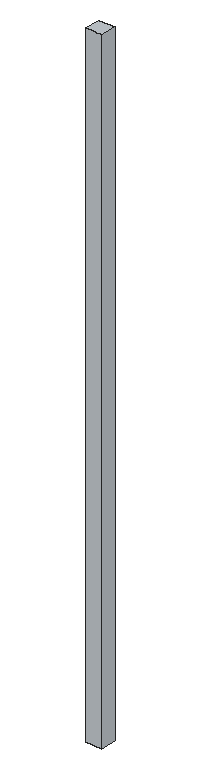
Revit family "201_Свая прямоугольная (Фунд_Ур)", category Фундамент несущей конструкции, Revit 2021
Family settings
  Материал для поведения модели = Прочее
  Заглушка = Нет
  Номер OmniClass = 23.25.05.00
  Заголовок OmniClass = Foundations
  На основе рабочей плоскости = Нет
  Всегда вертикально = Да
  При загрузке вырезать с полостями = Нет
  Общий = Нет
Parameters (values of type "С120.30-8 (для испытаний)")
  Ширина = 0 mm  # constant formula
  Фиктивный сдвиг низа срубки [instance] = if(Срубка вкл, ADSK_Длина балки истинная, ADSK_Длина балки истинная - 1 mm)  # 11999 mm
  Толщина фундамента = 0 mm  # constant formula
  Рзм.ОтметкаНизаПлиты [instance] = 0 mm
  ADSK_Длина балки истинная [instance] = ADSK_Размер_Длина - Высота срубаемой части  # 12000 mm
  Орг.ДиапазонПозиций2 [instance] = ""
  Орг.ДиапазонПозиций [instance] = ""
  О_Позиция [instance] = ""
  Мрк.НаименованиеСоставноеЧисло1 [instance] = (ADSK_Размер_Длина * 1000 + ADSK_Длина балки истинная / 10) / 1 mm  # 12001200
  Материал несущих конструкций = 02_Бетон В25
  Длина 0.1 = ADSK_Размер_Длина + 0.1 mm  # 12000.1 mm
  Диаметр обозначения [instance] = ADSK_Размер_Ширина + 280 mm  # 580 mm
  Срубка вкл [instance] = Высота срубаемой части > 0 mm  # no
  Рядовая_тип 9 [instance] = [N типа рядовой (1-10)] = 9  # no
  Рядовая_тип 8 [instance] = [N типа рядовой (1-10)] = 8  # no
  Рядовая_тип 7 [instance] = [N типа рядовой (1-10)] = 7  # no
  Рядовая_тип 6 [instance] = [N типа рядовой (1-10)] = 6  # no
  Рядовая_тип 5 [instance] = [N типа рядовой (1-10)] = 5  # no
  Рядовая_тип 4 [instance] = [N типа рядовой (1-10)] = 4  # no
  Рядовая_тип 3 [instance] = [N типа рядовой (1-10)] = 3  # no
  Рядовая_тип 2 [instance] = [N типа рядовой (1-10)] = 2  # no
  Рядовая_тип 10 [instance] = [N типа рядовой (1-10)] = 10  # no
  Рядовая_тип 1 [instance] = [N типа рядовой (1-10)] = 1  # no
  ADSK_Размер_Ширина = 300 mm
  ADSK_Размер_Длина = 12000 mm
  ADSK_Обозначение = "1.011.1-10 выпуск 1"
  ADSK_Наименование = "С120.30-8"
  О_МассаКг = 2730.00 kg
  Мрк.МаркаПодтипа [instance] = if(and(Анкерная, Испытуемая), "Ошибка", if(Анкерная, "Анкерная", if(Испытуемая, "Испытуемая подвергается стат. испытанию", "Рядовая")))  # "Рядовая"
  ADSK_Марка изделия = "С120.30-8"
  Испытуемая [instance] = no
  Высота срубаемой части [instance] = 0 mm
  Description = ""
  Type Image = (empty or 0)
  Type Comments = ""
  Manufacturer = ""
  Группа модели = "Свая для испытаний"
  Вкл маскировку = no
  Анкерная [instance] = no
  URL = ""
  RBS_VERSION = 10  # constant formula
  RBS_GUID = "30aa0056-53b5-474c-9eca-863affe2bf06"  # constant formula
  N типа рядовой (1-10) [instance] = 0
Types (4, lengths in mm): name | Фиктивный сдвиг низа срубки | ADSK_Длина балки истинная | Мрк.НаименованиеСоставноеЧисло1 | Длина 0.1 | ADSK_Размер_Длина | ADSK_Наименование | О_МассаКг | ADSK_Марка изделия | Группа модели
  С120.30-8 (для испытаний) | 11999 | 12000 | 12001200 | 12000.1 | 12000 | "С120.30-8" | 2730.00 kg | "С120.30-8" | "Свая для испытаний"
  С110.30-8 (для испытаний) | 10999 | 11000 | 11001100 | 11000.1 | 11000 | "С110.30-8" | 2500.00 kg | "С110.30-8" | "Свая для испытаний"
  С110.30-8 | 10999 | 11000 | 11001100 | 11000.1 | 11000 | "С110.30-8" | 2500.00 kg | "С110.30-8" | "Свая рядовая"
  С120.30-8 | 11999 | 12000 | 12001200 | 12000.1 | 12000 | "С120.30-8" | 2730.00 kg | "С120.30-8" | "Свая рядовая"
Reference planes
  plane 1 "По центру (Вперед/Назад)": y = 0
  plane 2: z = 0
  plane 3 "По центру (Влево/Вправо)": x = 0
  plane 4: y = 150
  plane 5: y = -150
  plane 6: x = 150
  plane 7: x = -150
  plane 8: y = 290
  plane 9: y = -290
  plane 10: x = -290
  plane 11: x = 290
  plane 12: z = 12000.1
Forms (mm)
  Extrusion 1, solid, material "02_Бетон В25" <- "Материал несущих конструкций", detail levels medium+fine
    sketch origin (0, 0, 0) x (1, 0, 0) y (0, 1, 0)
      loop
        line (-150, 150) -> (-150, -150) -> (150, -150) -> (150, 150) -> (-150, 150)
    from 0 to 12000 <- "ADSK_Длина балки истинная"
  Extrusion 2, solid, material "Остекление", visible <- "Срубка вкл", detail levels medium+fine
    sketch origin (0, 0, 0) x (1, 0, 0) y (0, 1, 0)
      loop
        line (-150, 150) -> (-150, -150) -> (150, -150) -> (150, 150) -> (-150, 150)
    from 12000 <- "ADSK_Размер_Длина" to 11999 <- "Фиктивный сдвиг низа срубки"
Lines and regions (mm)
  Masking region 1, visible <- "Вкл маскировку"
    outline origin (0, 0, 0) x (1, 0, 0) y (0, 0, 1)
      loop
        line (-150, 12000) -> (-150, 0) -> (150, 0) -> (150, 12000) -> (-150, 12000)
  Masking region 2, visible <- "Вкл маскировку"
    outline origin (0, 0, 0) x (0, 1, 0) y (0, 0, 1)
      loop
        line (-150, 12000) -> (-150, 0) -> (150, 0) -> (150, 12000) -> (-150, 12000)
  symbolic lines, visible <- "Испытуемая"
    curve 1: circle (0, 0, 0) r 290 normal (0, 0, 1)
  symbolic lines
    curve 2: line (-190, 0, 0) -> (190, 0, 0)
    curve 11: line (0, 190, 0) -> (0, -190, 0)
  model lines, visible <- "Анкерная"
    curve 3: line (-290, 0, 0) -> (0, 290, 0)
    curve 4: line (0, -290, 0) -> (-290, 0, 0)
    curve 5: line (290, 0, 0) -> (0, -290, 0)
    curve 6: line (0, 290, 0) -> (290, 0, 0)
  symbolic lines, visible <- "Анкерная"
    curve 7: line (0, 290, 0) -> (290, 0, 0)
    curve 8: line (290, 0, 0) -> (0, -290, 0)
    curve 9: line (0, -290, 0) -> (-290, 0, 0)
    curve 10: line (-290, 0, 0) -> (0, 290, 0)
  model lines, style "InvisibleLines", not visible
    curve 12: line (0, 0, 0) -> (0, 0, 12000.1)
Dimensions and locks
  equal spacing: plane 4, plane 1 "По центру (Вперед/Назад)", plane 5
  equal spacing: plane 7, plane 3 "По центру (Влево/Вправо)", plane 6
  "ADSK_Размер_Ширина": plane 4 to plane 5
  "ADSK_Размер_Ширина": plane 7 to plane 6
  "Диаметр обозначения": plane 8 to plane 9
  equal spacing: plane 8, plane 1 "По центру (Вперед/Назад)", plane 9
  equal spacing: plane 10, plane 3 "По центру (Влево/Вправо)", plane 11
  "Диаметр обозначения": plane 10 to plane 11
  "Длина 0.1": plane 12 to level
  "ADSK_Длина балки истинная": Masking region 1 sketch curve to level
  "ADSK_Длина балки истинная": Masking region 2 sketch curve to plane 2
  "Диаметр обозначения": diameter of curve 1
  aligned and locked: Extrusion 1 to level
  aligned and locked: plane 11 to curve 8
  aligned and locked: plane 1 "По центру (Вперед/Назад)" to curve 8
  aligned and locked: plane 3 "По центру (Влево/Вправо)" to curve 9
  aligned and locked: plane 9 to curve 9
  aligned and locked: plane 3 "По центру (Влево/Вправо)" to nested 1
  aligned and locked: plane 3 "По центру (Влево/Вправо)" to nested 2
  aligned and locked: plane 3 "По центру (Влево/Вправо)" to nested 3
  aligned and locked: plane 3 "По центру (Влево/Вправо)" to nested 4
  aligned and locked: plane 3 "По центру (Влево/Вправо)" to nested 5
  aligned and locked: plane 3 "По центру (Влево/Вправо)" to nested 6
  aligned and locked: plane 3 "По центру (Влево/Вправо)" to nested 7
  aligned and locked: plane 3 "По центру (Влево/Вправо)" to nested 8
  aligned and locked: plane 3 "По центру (Влево/Вправо)" to nested 9
  aligned and locked: plane 1 "По центру (Вперед/Назад)" to nested 7
  aligned and locked: plane 1 "По центру (Вперед/Назад)" to nested 5
  aligned and locked: plane 1 "По центру (Вперед/Назад)" to nested 3
  aligned and locked: plane 1 "По центру (Вперед/Назад)" to nested 2
  aligned and locked: plane 1 "По центру (Вперед/Назад)" to nested 1
  aligned and locked: plane 1 "По центру (Вперед/Назад)" to nested 8
  aligned and locked: plane 1 "По центру (Вперед/Назад)" to nested 4
  aligned and locked: plane 1 "По центру (Вперед/Назад)" to nested 9
  aligned and locked: plane 1 "По центру (Вперед/Назад)" to nested 6
  aligned and locked: curve 11 to plane 3 "По центру (Влево/Вправо)"
  aligned and locked: level to plane 2
  aligned and locked: level to curve 12
  aligned and locked: plane 12 to curve 12
  aligned and locked: plane 3 "По центру (Влево/Вправо)" to curve 12
  aligned and locked: Masking region 1 sketch curve to plane 7
  aligned and locked: Masking region 1 sketch curve to plane 6
  aligned and locked: level to Masking region 1 sketch curve
  aligned and locked: plane 5 to Masking region 2 sketch curve
  aligned and locked: Masking region 2 sketch curve to plane 4
  aligned and locked: plane 2 to Masking region 2 sketch curve
Automatic sketch dimensions
  Extrusion 2 sketch curve to plane 5 = 0 mm
  Extrusion 2 sketch curve to plane 7 = 0 mm
  Extrusion 2 sketch curve to plane 6 = 0 mm
  Extrusion 2 sketch curve to plane 4 = 0 mm
  Extrusion 1 sketch curve to plane 5 = 0 mm
  Extrusion 1 sketch curve to plane 7 = 0 mm
  Extrusion 1 sketch curve to plane 6 = 0 mm
  Extrusion 1 sketch curve to plane 4 = 0 mm
  plane 1 "По центру (Вперед/Назад)" to curve 2 = 0 mm
  curve 4 to plane 3 "По центру (Влево/Вправо)" = 0 mm
  plane 1 "По центру (Вперед/Назад)" to curve 4 = 0 mm
  plane 7 to curve 2 = 40 mm
  plane 6 to curve 2 = 40 mm
  curve 11 to plane 5 = 40 mm
  plane 4 to curve 11 = 40 mm
Nested families
  nested 1: "Обозначение_тип_сваи_рядовая 2" at (0, 0, 0), visible <- "Рядовая_тип 2", ADSK_Размер_Ширина <- "ADSK_Размер_Ширина", type "Обозначение_тип_сваи_рядовая 2"
    with ADSK_Размер_Ширина 300 mm
  nested 2: "Обозначение_тип_сваи_рядовая 9" at (0, 0, 0), visible <- "Рядовая_тип 9", ADSK_Размер_Ширина <- "ADSK_Размер_Ширина", type "Обозначение_тип_сваи_рядовая 9"
    with ADSK_Размер_Ширина 300 mm
  nested 3: "Обозначение_тип_сваи_рядовая 8" at (0, 0, 0), visible <- "Рядовая_тип 8", ADSK_Размер_Ширина <- "ADSK_Размер_Ширина", type "Обозначение_тип_сваи_рядовая 8"
    with ADSK_Размер_Ширина 300 mm
  nested 4: "Обозначение_тип_сваи_рядовая 6" at (0, 0, 0), visible <- "Рядовая_тип 6", ADSK_Размер_Ширина <- "ADSK_Размер_Ширина", type "Обозначение_тип_сваи_рядовая 6"
    with ADSK_Размер_Ширина 300 mm
  nested 5: "Обозначение_тип_сваи_рядовая 10" at (0, 0, 0), visible <- "Рядовая_тип 10", ADSK_Размер_Ширина <- "ADSK_Размер_Ширина", type "Обозначение_тип_сваи_рядовая 10"
    with ADSK_Размер_Ширина 300 mm
  nested 6: "Обозначение_тип_сваи_рядовая 5" at (0, 0, 0), visible <- "Рядовая_тип 5", ADSK_Размер_Ширина <- "ADSK_Размер_Ширина", type "Обозначение_тип_сваи_рядовая 5"
    with ADSK_Размер_Ширина 300 mm
  nested 7: "Обозначение_тип_сваи_рядовая 7" at (0, 0, 0), visible <- "Рядовая_тип 7", ADSK_Размер_Ширина <- "ADSK_Размер_Ширина", type "Обозначение_тип_сваи_рядовая 7"
    with ADSK_Размер_Ширина 300 mm
  nested 8: "Обозначение_тип_сваи_рядовая 4" at (0, 0, 0), visible <- "Рядовая_тип 4", ADSK_Размер_Ширина <- "ADSK_Размер_Ширина", type "Обозначение_тип_сваи_рядовая 4"
    with ADSK_Размер_Ширина 300 mm
  nested 9: "Обозначение_тип_сваи_рядовая 3" at (0, 0, 0), visible <- "Рядовая_тип 3", ADSK_Размер_Ширина <- "ADSK_Размер_Ширина", type "Обозначение_тип_сваи_рядовая 3"
    with ADSK_Размер_Ширина 300 mm
Definition of nested family "Обозначение_тип_сваи_рядовая 2"
  Parameters (values of type "Обозначение_тип_сваи_рядовая 2")
    ADSK_Размер_Ширина [instance] = 400 mm
  Reference planes
    plane 1 "По центру (Вперед/Назад)": y = 0
    plane 2: z = 0
    plane 3 "По центру (Влево/Вправо)": x = 0
    plane 4: y = 200
    plane 5: y = -200
    plane 6: x = -200
    plane 7: x = 200
  Lines and regions (mm)
    Filled region 1, type "Сплошная заливка - Черный", in view "Опорный уровень"
      outline origin (0, 0, 0) x (1, 0, 0) y (0, 1, 0)
        loop
          line (-200, 200) -> (-200, -200) -> (200, 200) -> (-200, 200)
  Dimensions and locks
    equal spacing: plane 4, plane 1 "По центру (Вперед/Назад)", plane 5
    equal spacing: plane 6, plane 3 "По центру (Влево/Вправо)", plane 7
    "ADSK_Размер_Ширина": plane 4 to plane 5
    "ADSK_Размер_Ширина": plane 6 to plane 7
    aligned and locked: Filled region 1 sketch curve to plane 4
    aligned and locked: Filled region 1 sketch curve to plane 6
  Automatic sketch dimensions
    Filled region 1 sketch curve to plane 7 = 0 mm
    Filled region 1 sketch curve to plane 5 = 0 mm
Definition of nested family "Обозначение_тип_сваи_рядовая 9"
  Parameters (values of type "Обозначение_тип_сваи_рядовая 9")
    ADSK_Размер_Ширина [instance] = 400 mm
  Reference planes
    plane 1 "По центру (Вперед/Назад)": y = 0
    plane 2: z = 0
    plane 3 "По центру (Влево/Вправо)": x = 0
    plane 4: y = 200
    plane 5: y = -200
    plane 6: x = -200
    plane 7: x = 200
  Lines and regions (mm)
    Filled region 1, type "Сплошная заливка - Черный", in view "Опорный уровень"
      outline origin (0, 0, 0) x (1, 0, 0) y (0, 1, 0)
        loop
          line (-200, 0) -> (0, -200) -> (200, 0) -> (0, 200) -> (-200, 0)
  Dimensions and locks
    equal spacing: plane 4, plane 1 "По центру (Вперед/Назад)", plane 5
    equal spacing: plane 6, plane 3 "По центру (Влево/Вправо)", plane 7
    "ADSK_Размер_Ширина": plane 4 to plane 5
    "ADSK_Размер_Ширина": plane 6 to plane 7
    aligned and locked: plane 4 to Filled region 1 sketch curve
    aligned and locked: plane 7 to Filled region 1 sketch curve
    aligned and locked: plane 5 to Filled region 1 sketch curve
    aligned and locked: plane 6 to Filled region 1 sketch curve
    aligned and locked: plane 1 "По центру (Вперед/Назад)" to Filled region 1 sketch curve  (x2)
    aligned and locked: plane 3 "По центру (Влево/Вправо)" to Filled region 1 sketch curve  (x2)
Definition of nested family "Обозначение_тип_сваи_рядовая 8"
  Parameters (values of type "Обозначение_тип_сваи_рядовая 8")
    ADSK_Размер_Ширина [instance] = 400 mm
  Reference planes
    plane 1 "По центру (Вперед/Назад)": y = 0
    plane 2: z = 0
    plane 3 "По центру (Влево/Вправо)": x = 0
    plane 4: y = 200
    plane 5: y = -200
    plane 6: x = -200
    plane 7: x = 200
  Lines and regions (mm)
    Filled region 1, type "Сплошная заливка - Черный", in view "Опорный уровень"
      outline origin (0, 0, 0) x (1, 0, 0) y (0, 1, 0)
        loop
          line (200, 200) -> (-200, 200) -> (0, 0) -> (-200, -200) -> (200, -200) -> (200, 200)
  Dimensions and locks
    equal spacing: plane 4, plane 1 "По центру (Вперед/Назад)", plane 5
    equal spacing: plane 6, plane 3 "По центру (Влево/Вправо)", plane 7
    "ADSK_Размер_Ширина": plane 4 to plane 5
    "ADSK_Размер_Ширина": plane 6 to plane 7
    aligned and locked: plane 7 to Filled region 1 sketch curve
    aligned and locked: plane 5 to Filled region 1 sketch curve
    aligned and locked: plane 4 to Filled region 1 sketch curve
    aligned and locked: plane 6 to Filled region 1 sketch curve  (x2)
    aligned and locked: plane 3 "По центру (Влево/Вправо)" to Filled region 1 sketch curve
    aligned and locked: plane 1 "По центру (Вперед/Назад)" to Filled region 1 sketch curve
Definition of nested family "Обозначение_тип_сваи_рядовая 6"
  Parameters (values of type "Обозначение_тип_сваи_рядовая 6")
    ADSK_Размер_Ширина [instance] = 500 mm
  Reference planes
    plane 1 "По центру (Вперед/Назад)": y = 0
    plane 2: z = 0
    plane 3 "По центру (Влево/Вправо)": x = 0
    plane 4: y = 250
    plane 5: y = -250
    plane 6: x = -250
    plane 7: x = 250
  Lines and regions (mm)
    Filled region 1, type "Сплошная заливка - Черный", in view "Опорный уровень"
      outline origin (0, 0, 0) x (1, 0, 0) y (0, 1, 0)
        loop
          line (0, 0) -> (-250, 250) -> (-250, -250) -> (0, 0)
  Dimensions and locks
    equal spacing: plane 4, plane 1 "По центру (Вперед/Назад)", plane 5
    equal spacing: plane 6, plane 3 "По центру (Влево/Вправо)", plane 7
    "ADSK_Размер_Ширина": plane 4 to plane 5
    "ADSK_Размер_Ширина": plane 6 to plane 7
    aligned and locked: plane 5 to Filled region 1 sketch curve
    aligned and locked: plane 4 to Filled region 1 sketch curve
    aligned and locked: plane 6 to Filled region 1 sketch curve  (x2)
    aligned and locked: plane 3 "По центру (Влево/Вправо)" to Filled region 1 sketch curve
    aligned and locked: plane 1 "По центру (Вперед/Назад)" to Filled region 1 sketch curve
Definition of nested family "Обозначение_тип_сваи_рядовая 10"
  Parameters (values of type "Обозначение_тип_сваи_рядовая 10")
    ADSK_Размер_Ширина [instance] = 500 mm
  Reference planes
    plane 1 "По центру (Вперед/Назад)": y = 0
    plane 2: z = 0
    plane 3 "По центру (Влево/Вправо)": x = 0
    plane 4: y = 250
    plane 5: y = -250
    plane 6: x = -250
    plane 7: x = 250
  Lines and regions (mm)
    Filled region 1, type "Сплошная заливка - Черный", in view "Опорный уровень"
      outline origin (0, 0, 0) x (1, 0, 0) y (0, 1, 0)
        loop
          line (-250, 250) -> (-250, -250) -> (250, -250) -> (250, 250) -> (-250, 250)
  Dimensions and locks
    equal spacing: plane 4, plane 1 "По центру (Вперед/Назад)", plane 5
    equal spacing: plane 6, plane 3 "По центру (Влево/Вправо)", plane 7
    "ADSK_Размер_Ширина": plane 4 to plane 5
    "ADSK_Размер_Ширина": plane 6 to plane 7
    aligned and locked: plane 7 to Filled region 1 sketch curve
    aligned and locked: Filled region 1 sketch curve to plane 6
    aligned and locked: plane 5 to Filled region 1 sketch curve
    aligned and locked: Filled region 1 sketch curve to plane 4
Definition of nested family "Обозначение_тип_сваи_рядовая 5"
  Parameters (values of type "Обозначение_тип_сваи_рядовая 5")
    ADSK_Размер_Ширина [instance] = 500 mm
  Reference planes
    plane 1 "По центру (Вперед/Назад)": y = 0
    plane 2: z = 0
    plane 3 "По центру (Влево/Вправо)": x = 0
    plane 4: y = 250
    plane 5: y = -250
    plane 6: x = -250
    plane 7: x = 250
  Lines and regions (mm)
    Filled region 1, type "Сплошная заливка - Черный", in view "Опорный уровень"
      outline origin (0, 0, 0) x (1, 0, 0) y (0, 1, 0)
        loop
          line (-250, 250) -> (-250, 0) -> (0, 0) -> (0, 250) -> (-250, 250)
  Dimensions and locks
    equal spacing: plane 4, plane 1 "По центру (Вперед/Назад)", plane 5
    equal spacing: plane 6, plane 3 "По центру (Влево/Вправо)", plane 7
    "ADSK_Размер_Ширина": plane 4 to plane 5
    "ADSK_Размер_Ширина": plane 6 to plane 7
    aligned and locked: Filled region 1 sketch curve to plane 6
    aligned and locked: Filled region 1 sketch curve to plane 4
    aligned and locked: Filled region 1 sketch curve to plane 3 "По центру (Влево/Вправо)"
    aligned and locked: Filled region 1 sketch curve to plane 1 "По центру (Вперед/Назад)"
Definition of nested family "Обозначение_тип_сваи_рядовая 7"
  Parameters (values of type "Обозначение_тип_сваи_рядовая 7")
    ADSK_Размер_Ширина [instance] = 500 mm
  Reference planes
    plane 1 "По центру (Вперед/Назад)": y = 0
    plane 2: z = 0
    plane 3 "По центру (Влево/Вправо)": x = 0
    plane 4: y = 250
    plane 5: y = -250
    plane 6: x = -250
    plane 7: x = 250
  Lines and regions (mm)
    Filled region 1, type "Сплошная заливка - Черный", in view "Опорный уровень"
      outline origin (0, 0, 0) x (1, 0, 0) y (0, 1, 0)
        loop
          line (250, 250) -> (0, 250) -> (0, 0) -> (-250, 0) -> (-250, -250) -> (250, -250) -> (250, 250)
  Dimensions and locks
    equal spacing: plane 4, plane 1 "По центру (Вперед/Назад)", plane 5
    equal spacing: plane 6, plane 3 "По центру (Влево/Вправо)", plane 7
    "ADSK_Размер_Ширина": plane 4 to plane 5
    "ADSK_Размер_Ширина": plane 6 to plane 7
    aligned and locked: Filled region 1 sketch curve to plane 6
    aligned and locked: Filled region 1 sketch curve to plane 4
    aligned and locked: Filled region 1 sketch curve to plane 3 "По центру (Влево/Вправо)"
    aligned and locked: Filled region 1 sketch curve to plane 1 "По центру (Вперед/Назад)"
    aligned and locked: Filled region 1 sketch curve to plane 7
    aligned and locked: Filled region 1 sketch curve to plane 5
Definition of nested family "Обозначение_тип_сваи_рядовая 4"
  Parameters (values of type "Обозначение_тип_сваи_рядовая 4")
    ADSK_Размер_Ширина [instance] = 600 mm
  Reference planes
    plane 1 "По центру (Вперед/Назад)": y = 0
    plane 2: z = 0
    plane 3 "По центру (Влево/Вправо)": x = 0
    plane 4: y = 300
    plane 5: y = -300
    plane 6: x = 300
    plane 7: x = -300
  Lines and regions (mm)
    Filled region 1, type "Сплошная заливка - Черный", in view "Опорный уровень"
      outline origin (0, 0, 0) x (1, 0, 0) y (0, 1, 0)
        loop
          line (0, 0) -> (0, 300) -> (-300, 300) -> (-300, 0) -> (0, 0)
    Filled region 2, type "Сплошная заливка - Черный", in view "Опорный уровень"
      outline origin (0, 0, 0) x (1, 0, 0) y (0, 1, 0)
        loop
          line (0, -300) -> (300, -300) -> (300, 0) -> (0, 0) -> (0, -300)
  Dimensions and locks
    "ADSK_Размер_Ширина": plane 4 to plane 5
    "ADSK_Размер_Ширина": plane 7 to plane 6
    equal spacing: plane 7, plane 3 "По центру (Влево/Вправо)", plane 6
    equal spacing: plane 4, plane 1 "По центру (Вперед/Назад)", plane 5
    aligned and locked: plane 1 "По центру (Вперед/Назад)" to Filled region 1
    aligned and locked: plane 4 to Filled region 1
    aligned and locked: Filled region 1 to plane 7
    aligned and locked: plane 3 "По центру (Влево/Вправо)" to Filled region 1
    aligned and locked: Filled region 2 to plane 3 "По центру (Влево/Вправо)"
    aligned and locked: Filled region 2 to plane 5
    aligned and locked: Filled region 2 to plane 1 "По центру (Вперед/Назад)"
  Automatic sketch dimensions
    Filled region 1 sketch curve to plane 4 = 0 mm
    Filled region 1 sketch curve to plane 7 = 0 mm
    plane 1 "По центру (Вперед/Назад)" to Filled region 1 sketch curve = 0 mm
    Filled region 1 sketch curve to plane 3 "По центру (Влево/Вправо)" = 0 mm
    plane 1 "По центру (Вперед/Назад)" to Filled region 2 sketch curve = 0 mm
    Filled region 2 sketch curve to plane 3 "По центру (Влево/Вправо)" = 0 mm
    Filled region 2 sketch curve to plane 5 = 0 mm
    Filled region 2 sketch curve to plane 6 = 0 mm
Definition of nested family "Обозначение_тип_сваи_рядовая 3"
  Parameters (values of type "Обозначение_тип_сваи_рядовая 3")
    ADSK_Размер_Ширина [instance] = 400 mm
  Reference planes
    plane 1 "По центру (Вперед/Назад)": y = 0
    plane 2: z = 0
    plane 3 "По центру (Влево/Вправо)": x = 0
    plane 4: y = 200
    plane 5: y = -200
    plane 6: x = -200
    plane 7: x = 200
  Lines and regions (mm)
    Filled region 1, type "Сплошная заливка - Черный", in view "Опорный уровень"
      outline origin (0, 0, 0) x (1, 0, 0) y (0, 1, 0)
        loop
          line (-200, 200) -> (-200, 0) -> (200, 0) -> (200, 200) -> (-200, 200)
  Dimensions and locks
    equal spacing: plane 4, plane 1 "По центру (Вперед/Назад)", plane 5
    equal spacing: plane 6, plane 3 "По центру (Влево/Вправо)", plane 7
    "ADSK_Размер_Ширина": plane 4 to plane 5
    "ADSK_Размер_Ширина": plane 6 to plane 7
    aligned and locked: Filled region 1 sketch curve to plane 4
    aligned and locked: Filled region 1 sketch curve to plane 6
    aligned and locked: Filled region 1 sketch curve to plane 1 "По центру (Вперед/Назад)"
    aligned and locked: plane 7 to Filled region 1 sketch curve
